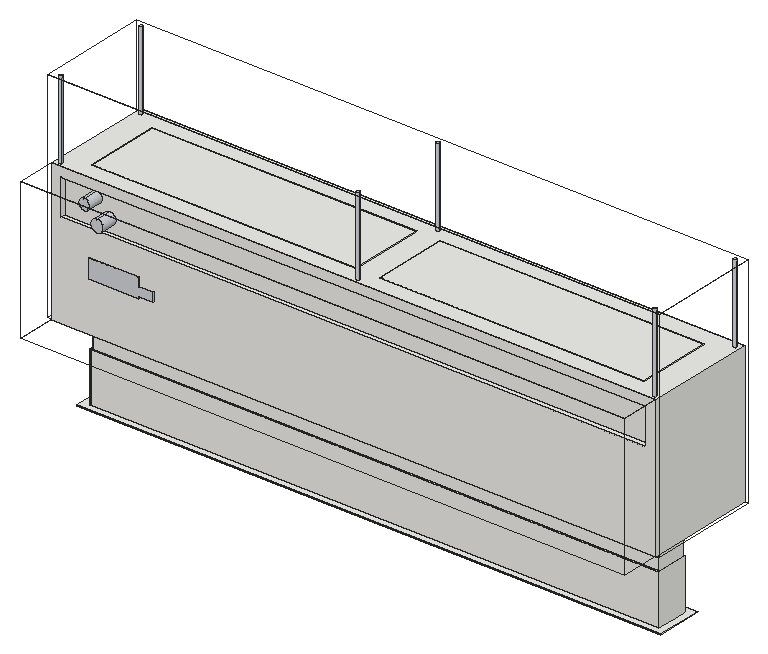
Revit family "AIRTECNICS_AIR CURTAIN_INVISAIR_DX-VRF_(LG)123", category Mechanical Equipment, Revit 2016 (continued)
Types (8, lengths in mm): name | Weight | Product Size | Product Reference | Product Heating | Product Description | Power Fans | Noise Level (dB(A)) | Mainfolds | Length | Heating Capacity | Gas Coil Volume | External Ut. Reference | Expansion Valve | Dn_Metric_Refrig_Liquid | Dn_Metric_Refrig_Gas | DX VRF | DX Coil Rows = 4 | DX Coil Rows = 3 | DX 1:1 | Current Fans | CT | CR | CH | Apparent Load | Airflow | L
  IECG 2000 DX22-LG | 89.00 kg | "2000" | "IECG 2000 DX22-LG" | "Direct Expansion 1:1 system" | "Energy saving heat pump air curtain: Up to 70% reduction in costs and CO2 emissions (heating mode).\r\nSpecially designed for applications where the body of the air curtain is to be installed inside a column or bulkhead for architectural reasons. It can be vertically or horizontally mounted.\r\nSelf-supporting casing construction made of galvanized steel plate, finished in structural epoxy-polyester painting white colour RAL9016 as standard. Other colours or stainless steel are available on request. \r\nThe air flow of Invisair follows a straight line from the air inlet grille to the to the discharge. Inlet area inside a bulkhead or column should be designed with suitable grille provided by others.\r\nAnodized aluminium outlet vanes, airfoil shaped, adjustable from 0 to 15º each side.\r\nDouble-inlet centrifugal fans driven by an external rotor motor and low noise level. 5-speed selector. EC models assembled with very low consumption efficiency fans. \r\nIncludes only heating direct expansion coil with installed temperature sensors.\r\nPlug&Play control panel CS-5DX-NE slave DX with 5 speeds selector and 7m telephone cable included.\r\nReady to connect to LG Inverter outdoor heat pump unit (R410A) with expansion valve, not included, the customer should purchase it.\r\nRequires PAHCMRA000 LG DX Interface KIT adapted for air curtain and PREMTB001 programmable control, please consult.\r\nAir Volume: 4380 m3/h \r\nFans:  0,426 kW  3,72 A 230Vx1 50/60Hz\r\nHeating capacity: 22,40 kW\r\nDimensions: 285x570/620x2055 mm (depth, height, length), including telescopic outlet for easy installation.\r\nNOT SUPPLIED BY AIRTÈCNICS:\r\nPAHCMRA000 Interface DX kit and PREMTB001 programmable control.\r\nExternal unit:\r\n UU70W U34External unit with direct expansion valve LG, triple phase motor 400Vx3 50Hz.\r\nHeating capacity 22,4kW. Heating power: 6,4kW. COP 3,5.\r\nCooling capacity 19kW. Cooling power 6,69kW. EER 2,84.\r\nCooling circuits 1\" - 3/8\".\r\nMinimum length 5m.\r\nMaximum length 75m.\r\nMaximum slope 30m." | 0.426 kW | 63 | "1\" & 3/8" | 2055.0 | 22.4 kW | 0.0041 m³ | "Only Triple Phase" | "Included on External Unit" | 10 | 25 | no | yes | no | yes | 3.72 A | 8 | 2 | 2 | 852 VA | 4380 m³/h | 2000.0
  IECG 1500 VRF15-LG | 69.00 kg | "1500" | "IECG 1500 VRF15-LG" | "Direct Expansion VRF system" | "Energy saving heat pump air curtain: Up to 70% reduction in costs and CO2 emissions (heating mode).\r\nSpecially designed for applications where the body of the air curtain is to be installed inside a column or bulkhead for architectural reasons. It can be vertically or horizontally mounted.\r\nSelf-supporting casing construction made of galvanized steel plate, finished in structural epoxy-polyester painting white colour RAL9016 as standard. Other colours or stainless steel are available on request. \r\nThe air flow of Invisair follows a straight line from the air inlet grille to the to the discharge. Inlet area inside a bulkhead or column should be designed with suitable grille provided by others.\r\nAnodized aluminium outlet vanes, airfoil shaped, adjustable from 0 to 15º each side.\r\nDouble-inlet centrifugal fans driven by an external rotor motor and low noise level. 5-speed selector. EC models assembled with very low consumption efficiency fans. \r\nIncludes only heating direct expansion coil with installed temperature sensors.\r\nPlug&Play control panel CS-5DX-NE slave DX with 5 speeds selector and 7m telephone cable included.\r\nReady to connect to LG VRF outdoor heat pump unit (R410A) and PRLK048A0 expansion valve not included, the customer should purchase it.\r\nRequires PAHCMRA000 LG VRF Interface KIT adapted for air curtain and PREMTB001 programmable control, please consult.\r\nAir Volume: 2920 m3/h \r\nFans:  0,284 kW  2,48 A 230Vx1 50/60Hz\r\nHeating capacity: 15,32 kW\r\nDimensions: 285x570/620x1550 mm (depth, height, length), including telescopic outlet for easy installation.\r\nNOT SUPPLIED BY AIRTÈCNICS:\r\nPAHCMRA000 Interface VRF kit and PREMTB001 programmable control.\r\nExpansion valve PRLK048A0.\r\nExternal unit VRF." | 0.284 kW | 62 | "5/8 & 3/8" | 1550.0 | 15.32 kW | 0.003 m³ | "Not available" | "PRLK048A0" | 10 | 16 | yes | yes | no | no | 2.48 A | 4 | 2 | 4 | 568 VA | 2920 m³/h | 1500.0
  IECG 1500 DX15-LG | 69.00 kg | "1500" | "IECG 1500 DX15-LG" | "Direct Expansion 1:1 system" | "Energy saving heat pump air curtain: Up to 70% reduction in costs and CO2 emissions (heating mode).\r\nSpecially designed for applications where the body of the air curtain is to be installed inside a column or bulkhead for architectural reasons. It can be vertically or horizontally mounted.\r\nSelf-supporting casing construction made of galvanized steel plate, finished in structural epoxy-polyester painting white colour RAL9016 as standard. Other colours or stainless steel are available on request. \r\nThe air flow of Invisair follows a straight line from the air inlet grille to the to the discharge. Inlet area inside a bulkhead or column should be designed with suitable grille provided by others.\r\nAnodized aluminium outlet vanes, airfoil shaped, adjustable from 0 to 15º each side.\r\nDouble-inlet centrifugal fans driven by an external rotor motor and low noise level. 5-speed selector. EC models assembled with very low consumption efficiency fans. \r\nIncludes only heating direct expansion coil with installed temperature sensors.\r\nPlug&Play control panel CS-5DX-NE slave DX with 5 speeds selector and 7m telephone cable included.\r\nReady to connect to LG Inverter outdoor heat pump unit (R410A) with expansion valve, not included, the customer should purchase it.\r\nRequires PAHCMRA000 LG DX Interface KIT adapted for air curtain and PREMTB001 programmable control, please consult.\r\nAir Volume: 2920 m3/h \r\nFans:  0,284 kW  2,48 A 230Vx1 50/60Hz\r\nHeating capacity: 15,32 kW\r\nDimensions: 285x570/620x1550 mm (depth, height, length), including telescopic outlet for easy installation.\r\nNOT SUPPLIED BY AIRTÈCNICS:\r\nPAHCMRA000 Interface DX kit and PREMTB001 programmable control.\r\nExternal unit:\r\nOption 1: UU48W U32\r\nExternal unit with direct expansion valve LG, single phase motor 230Vx1 50Hz.\r\nHeating capacity 15,4kW. Heating power: 4,39kW. COP 3,5.\r\nCooling capacity 14kW. Cooling power 4,1kW. EER 3,41.\r\nCooling circuits 5/8\" - 3/8\".\r\nMinimum length 5m.\r\nMaximum length 75m.\r\nMaximum slope 30m.\r\nOption 2: UU49W U32\r\nExternal unit with direct expansion valve LG, triple phase motor 400Vx3 50Hz.\r\nHeating capacity 15,4kW. Heating power: 4,39kW. COP 3,5.\r\nCooling capacity 14kW. Cooling power 4,1kW. EER 3,41.\r\nCooling circuits 5/8\" - 3/8\".\r\nMinimum length 5m.\r\nMaximum length 75m.\r\nMaximum slope 30m." | 0.284 kW | 62 | "5/8 & 3/8" | 1550.0 | 15.32 kW | 0.003 m³ | "UU48W U32" | "Included on External Unit" | 10 | 16 | no | yes | no | yes | 2.48 A | 4 | 2 | 2 | 568 VA | 2920 m³/h | 1500.0
